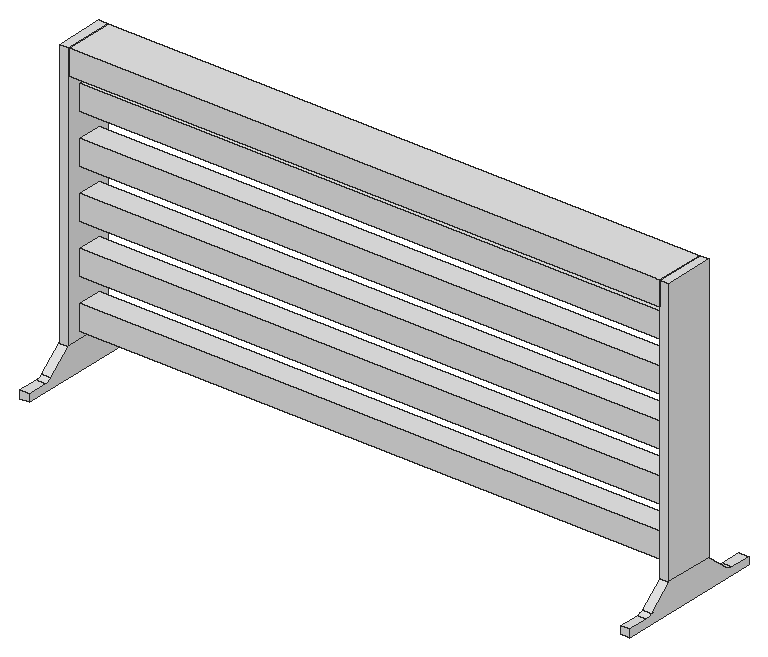
Revit family "Sunshade-Linear-Kawneer-Storefront-Square", category Specialty Equipment, host Face, Revit 2015
Parameters
  Width [instance] = 5' - 0"
  URL = "http://www.kawneer.com/kawneer/north_america/en/home.asp"
  Type Comments = ""
  Show Right Outrigger [instance] = yes
  Show Left Outrigger [instance] = yes
  Product data url = "https://bimobject.com/kawneerna/product/04315"
  Product Page URL = "http://www.kawneer.com/kawneer/north_america/en/product.asp?cat_id=1463&prod_id=4315"
  Product Documentation Link = "http://www.kawneer.com/kawneer/north_america/catalog/pdf/Sun_Control/Versoleil_Storefront_Flyer.pdf"
  Model = "Sunshade Linear Storefront"  # constant formula
  Manufacturer = "Kawneer "  # constant formula
  Length = 2' - 6"
  Has Same Mullion Distance [instance] = yes
  Finish = Aluminum - Kawneer - Clear
  Description = "Rounded Outrigger, Bullnose Fascias"
  Default Elevation = 4' - 0"
  Copyright © = "©2012 Kawneer  "  # constant formula
  Mullion Distance [instance] = 4' - 0"
  CTRl Outrigger Count [instance] = if(Outrigger 21 Distance > 0' 0", 23, if(Outrigger 20 Distance > 0' 0", 22, if(Outrigger 19 Distance > 0' 0", 21, if(Outrigger 18 Distance > 0' 0", 20, if(Outrigger 17 Distance > 0' 0", 19, if(Outrigger 16 Distance > 0' 0", 18, if(Outrigger 15 Distance > 0' 0", 17, if(Outrigger 14 Distance > 0' 0", 16, if(Outrigger 13 Distance > 0' 0", 15, if(Outrigger 12 Distance > 0' 0", 14, if(Outrigger 11 Distance > 0' 0", 13, if(Outrigger 10 Distance > 0' 0", 12, if(Outrigger 09 Distance > 0' 0", 11, if(Outrigger 08 Distance > 0' 0", 10, if(Outrigger 07 Distance > 0' 0", 9, if(Outrigger 06 Distance > 0' 0", 8, if(Outrigger 05 Distance > 0' 0", 7, if(Outrigger 04 Distance > 0' 0", 6, if(Outrigger 03 Distance > 0' 0", 5, if(Outrigger 02 Distance > 0' 0", 4, if(Outrigger 01 Distance > 0' 0", 3, (Width / Mullion Distance) + 1)))))))))))))))))))))  # 3
  CTRL Outrigger 21 Distance [instance] = if(Outrigger Count < 23, 0' 0", if(Has Same Mullion Distance, Mullion Distance, if(Outrigger 21 Distance > 5' 0", 5' 0", Outrigger 21 Distance)))  # 0' - 0"
  CTRL Outrigger 20 Distance [instance] = if(Outrigger Count < 22, 0' 0", if(Has Same Mullion Distance, Mullion Distance, if(Outrigger 20 Distance > 5' 0", 5' 0", Outrigger 20 Distance)))  # 0' - 0"
  CTRL Outrigger 19 Distance [instance] = if(Outrigger Count < 21, 0' 0", if(Has Same Mullion Distance, Mullion Distance, if(Outrigger 19 Distance > 5' 0", 5' 0", Outrigger 19 Distance)))  # 0' - 0"
  CTRL Outrigger 18 Distance [instance] = if(Outrigger Count < 20, 0' 0", if(Has Same Mullion Distance, Mullion Distance, if(Outrigger 18 Distance > 5' 0", 5' 0", Outrigger 18 Distance)))  # 0' - 0"
  CTRL Outrigger 17 Distance [instance] = if(Outrigger Count < 19, 0' 0", if(Has Same Mullion Distance, Mullion Distance, if(Outrigger 17 Distance > 5' 0", 5' 0", Outrigger 17 Distance)))  # 0' - 0"
  CTRL Outrigger 16 Distance [instance] = if(Outrigger Count < 18, 0' 0", if(Has Same Mullion Distance, Mullion Distance, if(Outrigger 16 Distance > 5' 0", 5' 0", Outrigger 16 Distance)))  # 0' - 0"
  CTRL Outrigger 15 Distance [instance] = if(Outrigger Count < 17, 0' 0", if(Has Same Mullion Distance, Mullion Distance, if(Outrigger 15 Distance > 5' 0", 5' 0", Outrigger 15 Distance)))  # 0' - 0"
  CTRL Outrigger 14 Distance [instance] = if(Outrigger Count < 16, 0' 0", if(Has Same Mullion Distance, Mullion Distance, if(Outrigger 14 Distance > 5' 0", 5' 0", Outrigger 14 Distance)))  # 0' - 0"
  CTRL Outrigger 13 Distance [instance] = if(Outrigger Count < 15, 0' 0", if(Has Same Mullion Distance, Mullion Distance, if(Outrigger 13 Distance > 5' 0", 5' 0", Outrigger 13 Distance)))  # 0' - 0"
  CTRL Outrigger 12 Distance [instance] = if(Outrigger Count < 14, 0' 0", if(Has Same Mullion Distance, Mullion Distance, if(Outrigger 12 Distance > 5' 0", 5' 0", Outrigger 12 Distance)))  # 0' - 0"
  CTRL Outrigger 11 Distance [instance] = if(Outrigger Count < 13, 0' 0", if(Has Same Mullion Distance, Mullion Distance, if(Outrigger 11 Distance > 5' 0", 5' 0", Outrigger 11 Distance)))  # 0' - 0"
  CTRL Outrigger 10 Distance [instance] = if(Outrigger Count < 12, 0' 0", if(Has Same Mullion Distance, Mullion Distance, if(Outrigger 10 Distance > 5' 0", 5' 0", Outrigger 10 Distance)))  # 0' - 0"
  CTRL Outrigger 09 Distance [instance] = if(Outrigger Count < 11, 0' 0", if(Has Same Mullion Distance, Mullion Distance, if(Outrigger 09 Distance > 5' 0", 5' 0", Outrigger 09 Distance)))  # 0' - 0"
  CTRL Outrigger 08 Distance [instance] = if(Outrigger Count < 10, 0' 0", if(Has Same Mullion Distance, Mullion Distance, if(Outrigger 08 Distance > 5' 0", 5' 0", Outrigger 08 Distance)))  # 0' - 0"
  CTRL Outrigger 07 Distance [instance] = if(Outrigger Count < 9, 0' 0", if(Has Same Mullion Distance, Mullion Distance, if(Outrigger 07 Distance > 5' 0", 5' 0", Outrigger 07 Distance)))  # 0' - 0"
  CTRL Outrigger 06 Distance [instance] = if(Outrigger Count < 8, 0' 0", if(Has Same Mullion Distance, Mullion Distance, if(Outrigger 06 Distance > 5' 0", 5' 0", Outrigger 06 Distance)))  # 0' - 0"
  CTRL Outrigger 05 Distance [instance] = if(Outrigger Count < 7, 0' 0", if(Has Same Mullion Distance, Mullion Distance, if(Outrigger 05 Distance > 5' 0", 5' 0", Outrigger 05 Distance)))  # 0' - 0"
  CTRL Outrigger 04 Distance [instance] = if(Outrigger Count < 6, 0' 0", if(Has Same Mullion Distance, Mullion Distance, if(Outrigger 04 Distance > 5' 0", 5' 0", Outrigger 04 Distance)))  # 0' - 0"
  CTRL Outrigger 03 Distance [instance] = if(Outrigger Count < 5, 0' 0", if(Has Same Mullion Distance, Mullion Distance, if(Outrigger 03 Distance > 5' 0", 5' 0", Outrigger 03 Distance)))  # 0' - 0"
  CTRL Outrigger 02 Distance [instance] = if(Outrigger Count < 4, 0' 0", if(Has Same Mullion Distance, Mullion Distance, if(Outrigger 02 Distance > 5' 0", 5' 0", Outrigger 02 Distance)))  # 0' - 0"
  CTRL Outrigger 01 Distance [instance] = if(Outrigger Count < 3, 0' 0", if(Has Same Mullion Distance, Mullion Distance, if(Outrigger 01 Distance > 5' 0", 5' 0", Outrigger 01 Distance)))  # 0' - 0"
  Blades Distance = 0' - 5"
  CTRL Middle Blade Visibility [instance] = if(Outrigger Count = 2, 1 = 0, 1 = 1)  # no
  Outrigger Count [instance] = if(Has Same Mullion Distance, (Width / Mullion Distance) + 1, CTRl Outrigger Count)  # 2
  Outrigger 21 Distance [instance] = 0' - 0"
  Outrigger 20 Distance [instance] = 0' - 0"
  Outrigger 19 Distance [instance] = 0' - 0"
  Outrigger 18 Distance [instance] = 0' - 0"
  Outrigger 17 Distance [instance] = 0' - 0"
  Outrigger 16 Distance [instance] = 0' - 0"
  Outrigger 15 Distance [instance] = 0' - 0"
  Outrigger 14 Distance [instance] = 0' - 0"
  Outrigger 13 Distance [instance] = 0' - 0"
  Outrigger 12 Distance [instance] = 0' - 0"
  Outrigger 11 Distance [instance] = 0' - 0"
  Outrigger 10 Distance [instance] = 0' - 0"
  Outrigger 09 Distance [instance] = 0' - 0"
  Outrigger 08 Distance [instance] = 0' - 0"
  Outrigger 07 Distance [instance] = 0' - 0"
  Outrigger 06 Distance [instance] = 0' - 0"
  Outrigger 05 Distance [instance] = 0' - 0"
  Outrigger 04 Distance [instance] = 0' - 0"
  Outrigger 03 Distance [instance] = 0' - 0"
  Outrigger 02 Distance [instance] = 0' - 0"
  Outrigger 01 Distance [instance] = 1' - 6"
  Blade Width [instance] = if(1 = 1, Width, 1' 0")  # 5' - 0"
  Blade Type = Blade-Kawneer-Square : Versoleil
  Blade Count = 5
Reference planes (in)
  plane 1 "Center (Front/Back)": y = 0
  plane 2: z = 0
  plane 3 "Center (Left/Right)": x = 3.30772
  plane 4 "Bracket Bottom": z = 0
  plane 5 "Arm_Center-(T/B)": z = 2.07581
  plane 6 "Left": x = -26.69228
  plane 7 "Right": x = 33.30772
  plane 8 "Bracket_Center-(L/R)-Left": x = -27.16103
  plane 9 "Bracket_Center-(L/R)-Right": x = 33.77647
  plane 10 "Bracket Set 1": x = -27.16103
  plane 11 "Bracket Set 20": x = -27.16103
  plane 12 "Bracket Set 2": x = -27.16103
  plane 13 "Bracket Set 3": x = -27.16103
  plane 14 "Bracket Set 4": x = -27.16103
  plane 15 "Bracket Set 5": x = -27.16103
  plane 16 "Bracket Set 6": x = -27.16103
  plane 17 "Bracket Set 7": x = -27.16103
  plane 18 "Bracket Set 8": x = -27.16103
  plane 19 "Bracket Set 9": x = -27.16103
  plane 20 "Bracket Set 10": x = -27.16103
  plane 21 "Bracket Set 11": x = -27.16103
  plane 22 "Bracket Set 12": x = -27.16103
  plane 23 "Bracket Set 13": x = -27.16103
  plane 24 "Bracket Set 14": x = -27.16103
  plane 25 "Bracket Set 15": x = -27.16103
  plane 26 "Bracket Set 16": x = -27.16103
  plane 27 "Bracket Set 17": x = -27.16103
  plane 28 "Bracket Set 18": x = -27.16103
  plane 29 "Bracket Set 19": x = -27.16103
  plane 30 "Bracket Set 21": x = -27.16103
  plane 31 "Left of Right Outrigger": x = 33.30772
  plane 32 "Right of Right Outrigger": x = 34.24522
  plane 33 "Left of Left Outrigger": x = -27.62978
  plane 34 "Right of Left Outrigger": x = -26.69228
  plane 35 "Blade 1": z = 5
  plane 36 "Blade 2": z = 10
  plane 37 "Top": z = 30
  plane 38 "Back of Fascia": z = 27.50297
Dimensions and locks (in)
  locked: plane 5 "Arm_Center-(T/B)" to plane 4 "Bracket Bottom" at 2.07581
  locked: plane 4 "Bracket Bottom" to plane 2 at 0
  "CTRL Outrigger 01 Distance": plane 8 "Bracket_Center-(L/R)-Left" to plane 10 "Bracket Set 1"
  "CTRL Outrigger 02 Distance": plane 10 "Bracket Set 1" to plane 12 "Bracket Set 2"
  "CTRL Outrigger 03 Distance": plane 12 "Bracket Set 2" to plane 13 "Bracket Set 3"
  "CTRL Outrigger 04 Distance": plane 13 "Bracket Set 3" to plane 14 "Bracket Set 4"
  "CTRL Outrigger 05 Distance": plane 14 "Bracket Set 4" to plane 15 "Bracket Set 5"
  "CTRL Outrigger 06 Distance": plane 15 "Bracket Set 5" to plane 16 "Bracket Set 6"
  "CTRL Outrigger 07 Distance": plane 16 "Bracket Set 6" to plane 17 "Bracket Set 7"
  "CTRL Outrigger 08 Distance": plane 17 "Bracket Set 7" to plane 18 "Bracket Set 8"
  "CTRL Outrigger 09 Distance": plane 18 "Bracket Set 8" to plane 19 "Bracket Set 9"
  "CTRL Outrigger 10 Distance": plane 19 "Bracket Set 9" to plane 20 "Bracket Set 10"
  "CTRL Outrigger 11 Distance": plane 20 "Bracket Set 10" to plane 21 "Bracket Set 11"
  "CTRL Outrigger 12 Distance": plane 21 "Bracket Set 11" to plane 22 "Bracket Set 12"
  "CTRL Outrigger 13 Distance": plane 22 "Bracket Set 12" to plane 23 "Bracket Set 13"
  "CTRL Outrigger 14 Distance": plane 23 "Bracket Set 13" to plane 24 "Bracket Set 14"
  "CTRL Outrigger 15 Distance": plane 24 "Bracket Set 14" to plane 25 "Bracket Set 15"
  "CTRL Outrigger 16 Distance": plane 25 "Bracket Set 15" to plane 26 "Bracket Set 16"
  "CTRL Outrigger 17 Distance": plane 26 "Bracket Set 16" to plane 27 "Bracket Set 17"
  "CTRL Outrigger 18 Distance": plane 27 "Bracket Set 17" to plane 28 "Bracket Set 18"
  "CTRL Outrigger 19 Distance": plane 28 "Bracket Set 18" to plane 29 "Bracket Set 19"
  "CTRL Outrigger 20 Distance": plane 29 "Bracket Set 19" to plane 11 "Bracket Set 20"
  "CTRL Outrigger 21 Distance": plane 11 "Bracket Set 20" to plane 30 "Bracket Set 21"
  locked: plane 32 "Right of Right Outrigger" to plane 31 "Left of Right Outrigger" at 0.9375
  locked: plane 33 "Left of Left Outrigger" to plane 34 "Right of Left Outrigger" at 0.9375
  equal spacing: plane 6 "Left", plane 3 "Center (Left/Right)", plane 7 "Right"
  "Width": plane 6 "Left" to plane 7 "Right"
  locked: plane 7 "Right" to plane 9 "Bracket_Center-(L/R)-Right" at 0.46875
  locked: plane 8 "Bracket_Center-(L/R)-Left" to plane 6 "Left" at 0.46875
  "Blades Distance": plane 35 "Blade 1" to plane 4 "Bracket Bottom"
  "Blades Distance": plane 36 "Blade 2" to plane 35 "Blade 1"
  equal spacing: group 1, group 2, group 3, group 4, group 5  (x3)
  "Length": plane 37 "Top" to plane 4 "Bracket Bottom"
  locked: plane 37 "Top" to plane 38 "Back of Fascia" at 2.49703
  aligned and locked: plane 2 to host face
  aligned and locked: level to host face
  aligned and locked: plane 4 "Bracket Bottom" to nested 1
  aligned and locked: plane 1 "Center (Front/Back)" to nested 1
  aligned and locked: nested 1 to plane 8 "Bracket_Center-(L/R)-Left"
  aligned and locked: plane 9 "Bracket_Center-(L/R)-Right" to nested 2
  aligned and locked: plane 1 "Center (Front/Back)" to nested 2
  aligned and locked: plane 4 "Bracket Bottom" to nested 2
  aligned and locked: nested 3 to plane 10 "Bracket Set 1"
  aligned and locked: nested 4 to plane 12 "Bracket Set 2"
  aligned and locked: nested 5 to plane 13 "Bracket Set 3"
  aligned and locked: nested 6 to plane 14 "Bracket Set 4"
  aligned and locked: nested 7 to plane 15 "Bracket Set 5"
  aligned and locked: nested 8 to plane 16 "Bracket Set 6"
  aligned and locked: nested 9 to plane 17 "Bracket Set 7"
  aligned and locked: nested 10 to plane 18 "Bracket Set 8"
  aligned and locked: nested 11 to plane 19 "Bracket Set 9"
  aligned and locked: nested 12 to plane 20 "Bracket Set 10"
  aligned and locked: nested 13 to plane 21 "Bracket Set 11"
  aligned and locked: nested 14 to plane 22 "Bracket Set 12"
  aligned and locked: nested 15 to plane 23 "Bracket Set 13"
  aligned and locked: nested 16 to plane 24 "Bracket Set 14"
  aligned and locked: nested 17 to plane 25 "Bracket Set 15"
  aligned and locked: nested 18 to plane 26 "Bracket Set 16"
  aligned and locked: nested 19 to plane 27 "Bracket Set 17"
  aligned and locked: nested 20 to plane 28 "Bracket Set 18"
  aligned and locked: nested 21 to plane 29 "Bracket Set 19"
  aligned and locked: nested 22 to plane 11 "Bracket Set 20"
  aligned and locked: plane 4 "Bracket Bottom" to nested 3
  aligned and locked: plane 4 "Bracket Bottom" to nested 4
  aligned and locked: plane 4 "Bracket Bottom" to nested 5
  aligned and locked: plane 4 "Bracket Bottom" to nested 6
  aligned and locked: plane 4 "Bracket Bottom" to nested 7
  aligned and locked: plane 4 "Bracket Bottom" to nested 8
  aligned and locked: plane 4 "Bracket Bottom" to nested 9
  aligned and locked: plane 4 "Bracket Bottom" to nested 10
  aligned and locked: plane 4 "Bracket Bottom" to nested 11
  aligned and locked: plane 4 "Bracket Bottom" to nested 12
  aligned and locked: plane 4 "Bracket Bottom" to nested 13
  aligned and locked: plane 4 "Bracket Bottom" to nested 14
  aligned and locked: plane 4 "Bracket Bottom" to nested 15
  aligned and locked: plane 4 "Bracket Bottom" to nested 16
  aligned and locked: plane 4 "Bracket Bottom" to nested 17
  aligned and locked: plane 4 "Bracket Bottom" to nested 18
  aligned and locked: plane 4 "Bracket Bottom" to nested 19
  aligned and locked: plane 4 "Bracket Bottom" to nested 20
  aligned and locked: plane 4 "Bracket Bottom" to nested 21
  aligned and locked: plane 4 "Bracket Bottom" to nested 22
  aligned and locked: nested 23 to plane 30 "Bracket Set 21"
  aligned and locked: plane 1 "Center (Front/Back)" to nested 23
  aligned and locked: plane 1 "Center (Front/Back)" to nested 22
  aligned and locked: plane 1 "Center (Front/Back)" to nested 21
  aligned and locked: plane 1 "Center (Front/Back)" to nested 20
  aligned and locked: plane 1 "Center (Front/Back)" to nested 19
  aligned and locked: plane 1 "Center (Front/Back)" to nested 18
  aligned and locked: plane 1 "Center (Front/Back)" to nested 17
  aligned and locked: plane 1 "Center (Front/Back)" to nested 16
  aligned and locked: plane 1 "Center (Front/Back)" to nested 15
  aligned and locked: plane 1 "Center (Front/Back)" to nested 14
  aligned and locked: plane 7 "Right" to plane 31 "Left of Right Outrigger"
  aligned and locked: plane 34 "Right of Left Outrigger" to nested 1
  aligned and locked: plane 6 "Left" to plane 34 "Right of Left Outrigger"
  aligned and locked: plane 35 "Blade 1" to nested 24
  aligned and locked: plane 1 "Center (Front/Back)" to nested 24
  aligned and locked: plane 1 "Center (Front/Back)" to nested 13
  aligned and locked: plane 6 "Left" to nested 25
  aligned and locked: plane 1 "Center (Front/Back)" to nested 25
  aligned and locked: plane 36 "Blade 2" to nested 26
  aligned and locked: plane 37 "Top" to nested 2
  aligned and locked: plane 38 "Back of Fascia" to nested 25
  aligned and locked: plane 6 "Left" to nested 26
  aligned and locked: plane 34 "Right of Left Outrigger" to nested 24
  aligned and locked: nested 25 to plane 31 "Left of Right Outrigger"
Automatic sketch dimensions
  host sketch curve to host sketch curve = 8' - 0"  (x2)
Nested families (in)
  nested 1: "Outrigger-Kawneer-Square" at (-27.16103, 0, 0), visible <- "Show Left Outrigger", type "5""
  nested 2: "Outrigger-Kawneer-Square" at (33.77647, 0, 0), visible <- "Show Right Outrigger", type "5""
  nested 3: "Outrigger-Kawneer-Square" at (-27.16103, 0, 0), visible <- "CTRL Middle Blade Visibility", type "5""
  nested 4: "Outrigger-Kawneer-Square" at (-27.16103, 0, 0), visible <- "CTRL Middle Blade Visibility", type "5""
  nested 5: "Outrigger-Kawneer-Square" at (-27.16103, 0, 0), visible <- "CTRL Middle Blade Visibility", type "5""
  nested 6: "Outrigger-Kawneer-Square" at (-27.16103, 0, 0), visible <- "CTRL Middle Blade Visibility", type "5""
  nested 7: "Outrigger-Kawneer-Square" at (-27.16103, 0, 0), visible <- "CTRL Middle Blade Visibility", type "5""
  nested 8: "Outrigger-Kawneer-Square" at (-27.16103, 0, 0), visible <- "CTRL Middle Blade Visibility", type "5""
  nested 9: "Outrigger-Kawneer-Square" at (-27.16103, 0, 0), visible <- "CTRL Middle Blade Visibility", type "5""
  nested 10: "Outrigger-Kawneer-Square" at (-27.16103, 0, 0), visible <- "CTRL Middle Blade Visibility", type "5""
  nested 11: "Outrigger-Kawneer-Square" at (-27.16103, 0, 0), visible <- "CTRL Middle Blade Visibility", type "5""
  nested 12: "Outrigger-Kawneer-Square" at (-27.16103, 0, 0), visible <- "CTRL Middle Blade Visibility", type "5""
  nested 13: "Outrigger-Kawneer-Square" at (-27.16103, 0, 0), visible <- "CTRL Middle Blade Visibility", type "5""
  nested 14: "Outrigger-Kawneer-Square" at (-27.16103, 0, 0), visible <- "CTRL Middle Blade Visibility", type "5""
  nested 15: "Outrigger-Kawneer-Square" at (-27.16103, 0, 0), visible <- "CTRL Middle Blade Visibility", type "5""
  nested 16: "Outrigger-Kawneer-Square" at (-27.16103, 0, 0), visible <- "CTRL Middle Blade Visibility", type "5""
  nested 17: "Outrigger-Kawneer-Square" at (-27.16103, 0, 0), visible <- "CTRL Middle Blade Visibility", type "5""
  nested 18: "Outrigger-Kawneer-Square" at (-27.16103, 0, 0), visible <- "CTRL Middle Blade Visibility", type "5""
  nested 19: "Outrigger-Kawneer-Square" at (-27.16103, 0, 0), visible <- "CTRL Middle Blade Visibility", type "5""
  nested 20: "Outrigger-Kawneer-Square" at (-27.16103, 0, 0), visible <- "CTRL Middle Blade Visibility", type "5""
  nested 21: "Outrigger-Kawneer-Square" at (-27.16103, 0, 0), visible <- "CTRL Middle Blade Visibility", type "5""
  nested 22: "Outrigger-Kawneer-Square" at (-27.16103, 0, 0), visible <- "CTRL Middle Blade Visibility", type "5""
  nested 23: "Outrigger-Kawneer-Square" at (-27.16103, 0, 0), visible <- "CTRL Middle Blade Visibility", type "5""
  nested 24: "Blade-Kawneer-Square" at (3.30772, 0, 3.75), type <- "Blade Type", CTRL Width <- "Width", Blade Materials <- "Finish", type "Versoleil"
    with CTRL Width 5' - 0", Blade Materials Aluminum - Kawneer - Clear
  nested 25: "Fascia-Kawneer-Rectangular" at (3.30772, 0, 27.50297), Fascias Materials <- "Finish", CTRL Width <- "Width", type "Versoleil"
    with Fascias Materials Aluminum - Kawneer - Clear, CTRL Width 5' - 0"
  nested 26: "Blade-Kawneer-Square" at (3.30772, 0, 8.75), type <- "Blade Type", CTRL Width <- "Width", Blade Materials <- "Finish", type "Versoleil"
    with CTRL Width 5' - 0", Blade Materials Aluminum - Kawneer - Clear
  nested 27: "Blade-Kawneer-Square" at (3.30772, 0, 13.75), type <- "Blade Type", CTRL Width <- "Width", Blade Materials <- "Finish", type "Versoleil"
    with CTRL Width 5' - 0", Blade Materials Aluminum - Kawneer - Clear
  nested 28: "Blade-Kawneer-Square" at (3.30772, 0, 18.75), type <- "Blade Type", CTRL Width <- "Width", Blade Materials <- "Finish", type "Versoleil"
    with CTRL Width 5' - 0", Blade Materials Aluminum - Kawneer - Clear
  nested 29: "Blade-Kawneer-Square" at (3.30772, 0, 23.75), type <- "Blade Type", CTRL Width <- "Width", Blade Materials <- "Finish", type "Versoleil"
    with CTRL Width 5' - 0", Blade Materials Aluminum - Kawneer - Clear
Definition of nested family "Outrigger-Kawneer-Square"
  Parameters
    Length = 2' - 6"
    CTRL Width = 0' - 0 15/16"
    Outrigger Materials = none
  Reference planes (in)
    plane 1 "Center (Front/Back)": y = 0
    plane 2 "Original Bottom": z = 0
    plane 3 "Center (Left/Right)": x = 0
    plane 4 "Left": x = -0.46875
    plane 5 "Right": x = 0.46875
    plane 6 "Front": y = -2.5
    plane 7 "Back": y = 2.5
    plane 8 "Top": z = 30
    plane 9 "Bottom": z = 0
    plane 10 "Top of Braket": z = 2.9
    plane 11 "Right of Braket": y = 7.53105
    plane 12 "Left of Bracket": y = -7.53105
    plane 13 "Right of Left Bracket": x = -0.21875
    plane 14 "Left of Right Bracket": x = 0.21875
  Forms (in)
    Sweep 1, solid, material <- "Outrigger Materials"
      path origin (10, 0, -2.20794) x (1, 0, 0) y (0, 0, 1)
        loop
          line (-9.53125, 8.91333) -> (-10.46875, 8.91333)
      profile origin (0, 0, 6.70539) x (0, 0, -1) y (0, -1, 0)
        loop
          line (-23.29461, 2.5) -> (-23.29461, -2.5) -> (6.70539, -2.5) -> (6.70539, 2.5) -> (-23.29461, 2.5)
    Sweep 2, solid, material <- "Outrigger Materials", detail levels fine
      path origin (0, 0, -1.03601) x (1, 0, 0) y (0, 0, 1)
        loop
          line (0.46875, 30.5) -> (-0.46875, 30.5)
      profile origin (0, 0, 29.46399) x (0, 0, -1) y (0, -1, 0)
        loop
          line (26.56399, 2.43915) -> (26.56399, -2.50126) -> (28.48003, -4.78471)
          arc (28.48003, -4.78471) -> (28.65368, -5.08548) -> (28.71399, -5.4275) r 1
          line (28.71399, -5.4275) -> (28.71399, -7.53105) -> (29.46399, -7.53105) -> (29.46399, 7.46895) -> (28.71399, 7.46895) -> (28.71399, 5.3654)
          arc (28.71399, 5.3654) -> (28.65368, 5.02338) -> (28.48003, 4.72261) r 1
          line (28.48003, 4.72261) -> (26.56399, 2.43915)
  Lines and regions (in)
    Masking region 1
      outline origin (0, 0, 0) x (0, 1, 0) y (0, 0, 1)
        loop
          line (-2.5, 30) -> (-2.5, 0) -> (2.5, 0) -> (2.5, 30) -> (-2.5, 30)
    Masking region 2
      outline origin (0, 0, 0) x (1, 0, 0) y (0, 0, 1)
        loop
          line (0.46875, 30) -> (-0.46875, 30) -> (-0.46875, 0) -> (0.46875, 0) -> (0.46875, 30)
    Masking region 3
      outline origin (0, 0, 0) x (1, 0, 0) y (0, 0, 1)
        loop
          line (0.46875, 30) -> (-0.46875, 30) -> (-0.46875, 0) -> (0.46875, 0) -> (0.46875, 30)
    symbolic lines, detail levels medium+fine
      curve 1: line (0.46875, -2.43915, 2.9) -> (0.46875, -4.72261, 0.98396)
      curve 2: arc (0.46875, -4.72261, 0.98396) -> (0.46875, -5.02338, 0.81031) -> (0.46875, -5.3654, 0.75) r 1
      curve 3: line (0.46875, -5.3654, 0.75) -> (0.46875, -7.46895, 0.75)
      curve 4: line (0.46875, -7.46895, 0.75) -> (0.46875, -7.46895, 0)
      curve 6: line (0.46875, 7.53105, 0) -> (0.46875, 7.53105, 0.75)
      curve 7: line (0.46875, 7.53105, 0.75) -> (0.46875, 5.4275, 0.75)
      curve 8: arc (0.46875, 5.4275, 0.75) -> (0.46875, 5.08548, 0.81031) -> (0.46875, 4.78471, 0.98396) r 1
      curve 9: line (0.46875, 4.78471, 0.98396) -> (0.46875, 2.50126, 2.9)
    symbolic lines
      curve 5: line (0.46875, -7.46895, 0) -> (0.46875, 7.53105, 0)
      curve 11: line (0.46875, 2.5, 0) -> (0.46875, 2.5, 30)
      curve 12: line (0.46875, 2.5, 30) -> (0.46875, -2.5, 30)
      curve 13: line (0.46875, -2.5, 30) -> (0.46875, -2.5, 0)
      curve 14: line (0.46875, -2.5, 0) -> (0.46875, 2.5, 0)
      curve 15: line (0.46875, -2.5, 30) -> (0.46875, -2.5, 0)
      curve 16: line (0.46875, -2.5, 0) -> (0.46875, 2.5, 0)
      curve 17: line (0.46875, 2.5, 0) -> (0.46875, 2.5, 30)
      curve 18: line (0.46875, 2.5, 30) -> (0.46875, -2.5, 30)
      curve 19: line (0.46875, -2.5, 30) -> (0.46875, -2.5, 0)
      curve 20: line (0.46875, -2.5, 0) -> (0.46875, 2.5, 0)
      curve 21: line (0.46875, 2.5, 0) -> (0.46875, 2.5, 30)
      curve 22: line (0.46875, 2.5, 30) -> (0.46875, -2.5, 30)
      curve 31: line (0.46875, 0, 30) -> (-0.46875, 0, 30)
      curve 32: line (0.46875, 0, 0) -> (0.46875, 0, 30)
      curve 33: line (-0.46875, 0, 0) -> (0.46875, 0, 0)
      curve 34: line (-0.46875, 0, 30) -> (-0.46875, 0, 0)
    symbolic lines, detail levels fine
      curve 10: line (0.46875, 2.50126, 2.9) -> (0.46875, -2.43915, 2.9)
      curve 35: line (-0.21875, 0, 30) -> (-0.21875, 0, 0)
      curve 36: line (0.21875, 0, 30) -> (0.21875, 0, 0)
      curve 38: line (0.46875, 2.5, 2.9) -> (-0.46875, 2.5, 2.9)
      curve 39: line (0.46875, 2.5, 0) -> (0.46875, 2.5, 2.9)
      curve 40: line (-0.46875, 2.5, 0) -> (0.46875, 2.5, 0)
      curve 41: line (-0.46875, 2.5, 2.9) -> (-0.46875, 2.5, 0)
    model lines, detail levels medium
      curve 23: line (0.46875, 7.53105, 0) -> (-0.46875, 7.53105, 0)
      curve 24: line (0.46875, -7.53105, 0) -> (0.46875, 7.53105, 0)
      curve 25: line (-0.46875, -7.53105, 0) -> (0.46875, -7.53105, 0)
      curve 26: line (-0.46875, 7.53105, 0) -> (-0.46875, -7.53105, 0)
    model lines, detail levels coarse
      curve 27: line (0, 2.5, 30) -> (0, -2.5, 30)
      curve 28: line (0, 2.5, 0) -> (0, 2.5, 30)
      curve 29: line (0, -2.5, 0) -> (0, 2.5, 0)
      curve 30: line (0, -2.5, 30) -> (0, -2.5, 0)
    symbolic lines, detail levels medium
      curve 37: line (0, 0, 30) -> (0, 0, 0)
  Dimensions and locks (in)
    "CTRL Width": plane 4 "Left" to plane 5 "Right"
    equal spacing: plane 4 "Left", plane 3 "Center (Left/Right)", plane 5 "Right"
    equal spacing: plane 6 "Front", plane 1 "Center (Front/Back)", plane 7 "Back"
    "Length": plane 8 "Top" to plane 9 "Bottom"
    locked: plane 10 "Top of Braket" to plane 9 "Bottom" at 2.9
    locked: plane 12 "Left of Bracket" to plane 11 "Right of Braket" at 15.0621
    locked: plane 4 "Left" to plane 13 "Right of Left Bracket" at 0.25
    locked: plane 14 "Left of Right Bracket" to plane 5 "Right" at 0.25
    locked: plane 12 "Left of Bracket" to plane 6 "Front" at 5.03105
    locked: plane 7 "Back" to plane 11 "Right of Braket" at 5.03105
    aligned and locked: plane 4 "Left" to Sweep 1 sketch curve
    aligned and locked: plane 5 "Right" to Sweep 1 sketch curve
    aligned: Sweep 1 to plane 2 "Original Bottom"  (x2)
    aligned: plane 8 "Top" to Sweep 1  (x2)
    aligned: plane 6 "Front" to Sweep 1  (x2)
    aligned: plane 7 "Back" to Sweep 1  (x2)
    aligned: plane 9 "Bottom" to plane 2 "Original Bottom"
    aligned: Sweep 1 to plane 9 "Bottom"  (x4)
    aligned: Sweep 1 to plane 7 "Back"  (x3)
    aligned: Sweep 1 to plane 6 "Front"  (x4)
    aligned and locked: plane 9 "Bottom" to plane 2 "Original Bottom"
    aligned and locked: plane 5 "Right" to Sweep 2 sketch curve
    aligned and locked: plane 4 "Left" to Sweep 2 sketch curve
    aligned and locked: Sweep 2 to plane 9 "Bottom"  (x4)
    aligned and locked: plane 11 "Right of Braket" to Sweep 2
    aligned and locked: plane 10 "Top of Braket" to Sweep 2  (x2)
    aligned and locked: Sweep 1 to plane 9 "Bottom"  (x2)
    aligned and locked: Sweep 1 to plane 6 "Front"  (x2)
    aligned and locked: Sweep 1 to plane 7 "Back"
    aligned and locked: plane 8 "Top" to Sweep 1
    aligned and locked: Masking region 1 sketch curve to Sweep 1  (x4)
    aligned and locked: curve 11 to Masking region 1
    aligned and locked: curve 12 to Masking region 1
    aligned and locked: curve 13 to Masking region 1
    aligned and locked: curve 14 to Masking region 1
    aligned and locked: curve 23 to plane 11 "Right of Braket"
    aligned and locked: curve 25 to plane 12 "Left of Bracket"
    aligned and locked: plane 5 "Right" to curve 24
    aligned and locked: plane 4 "Left" to curve 26
    aligned and locked: plane 8 "Top" to curve 27
    aligned and locked: curve 29 to plane 9 "Bottom"
    aligned and locked: curve 28 to plane 7 "Back"
    aligned and locked: curve 30 to plane 6 "Front"
    aligned and locked: plane 8 "Top" to Masking region 2 sketch curve
    aligned and locked: Masking region 2 sketch curve to plane 9 "Bottom"
    aligned and locked: plane 5 "Right" to Masking region 2 sketch curve
    aligned and locked: plane 4 "Left" to Masking region 2 sketch curve
    aligned and locked: plane 4 "Left" to curve 34
    aligned and locked: curve 33 to plane 9 "Bottom"
    aligned and locked: plane 8 "Top" to curve 31
    aligned and locked: plane 5 "Right" to curve 32
    aligned and locked: plane 8 "Top" to Masking region 3 sketch curve
    aligned and locked: Masking region 3 sketch curve to plane 9 "Bottom"
    aligned and locked: plane 5 "Right" to Masking region 3 sketch curve
    aligned and locked: plane 4 "Left" to Masking region 3 sketch curve
    aligned and locked: plane 13 "Right of Left Bracket" to curve 35
    aligned and locked: curve 36 to plane 14 "Left of Right Bracket"
    aligned and locked: curve 37 to plane 3 "Center (Left/Right)"
    aligned and locked: plane 10 "Top of Braket" to curve 38
    aligned and locked: curve 40 to plane 9 "Bottom"
    aligned and locked: plane 5 "Right" to curve 39
    aligned and locked: plane 4 "Left" to curve 41
  Automatic sketch dimensions
    level to Sweep 1 sketch curve = 0' - 6.70539"
    Sweep 2 sketch curve to plane 8 "Top" = 0' - 0.53601"
    plane 1 "Center (Front/Back)" to Sweep 2 sketch curve = 0' - 2.43915"
    Sweep 2 sketch curve to profile plane = 2' - 2.56399"
    Sweep 2 sketch curve to Sweep 2 sketch curve = 0' - 1.15"
    Sweep 2 sketch curve to Sweep 2 sketch curve = 0' - 0.76604"  (x2)
    Sweep 2 sketch curve to Sweep 2 sketch curve = 0' - 0.23396"  (x2)
    Sweep 2 sketch curve to Sweep 2 sketch curve = 0' - 2.28345"
    Sweep 2 sketch curve to Sweep 2 sketch curve = 0' - 2.10355"  (x2)
    Sweep 2 sketch curve to Sweep 2 sketch curve = 0' - 0 3/4"  (x2)
    Sweep 2 sketch curve to plane 1 "Center (Front/Back)" = 0' - 2.50126"
    Sweep 2 sketch curve to plane 1 "Center (Front/Back)" = 0' - 4.78471"
    profile plane to Sweep 1 sketch curve = 1' - 11.29461"
    Sweep 1 sketch curve to profile plane = 0' - 6.70539"
    Sweep 1 sketch curve to plane 1 "Center (Front/Back)" = 0' - 2 1/2"
    Sweep 1 sketch curve to Sweep 1 sketch curve = 0' - 5"
    curve 6 to level = 0' - 0"
    curve 6 to plane 11 "Right of Braket" = 0' - 0"
    curve 10 to plane 10 "Top of Braket" = 0' - 0"
    curve 7 to level = 0' - 0 3/4"
    curve 7 to plane 11 "Right of Braket" = 0' - 2.10355"
    curve 9 to level = 0' - 0.98396"
    curve 8 to curve 9 = 0' - 0.64279"
    plane 7 "Back" to curve 10 = 0' - 0.00126"
    curve 2 to curve 2 = 0' - 0.64279"
    curve 4 to plane 12 "Left of Bracket" = 0' - 0.0621"
    curve 2 to curve 2 = 0' - 0.23396"
    curve 1 to plane 6 "Front" = 0' - 0.06085"
    curve 1 to level = 0' - 0.98396"
    plane 6 "Front" to curve 1 = 0' - 2.22261"
Definition of nested family "Blade-Kawneer-Square"
  Parameters
    CTRL Width [instance] = 12' - 0"
    Blade Materials [instance] = none
  Reference planes (in)
    plane 1 "Center (Front/Back)": y = 0
    plane 2 "Original Bottom": z = 0
    plane 3 "Center (Left/Right)": x = 0
    plane 4 "Left": x = -72
    plane 5 "Right": x = 72
    plane 6 "Front": y = -1.25
    plane 7 "Back": y = 1.25
    plane 8 "Top": z = 2.5
    plane 9 "Bottom": z = 1.25
  Forms (in)
    Sweep 1, solid, material <- "Blade Materials", detail levels medium+fine
      path origin (10, 0, -1.63267) x (1, 0, 0) y (0, 0, 1)
        loop
          line (62, 8.91333) -> (-82, 8.91333)
      profile origin (0, 0, 7.28066) x (0, 0, -1) y (0, -1, 0)
        loop
          line (4.78066, -1.25) -> (6.03066, -1.25) -> (7.28066, -1.25) -> (7.28066, 1.25) -> (6.03066, 1.25) -> (4.78066, 1.25) -> (4.78066, -1.25)
  Lines and regions (in)
    Masking region 1
      outline origin (0, 0, 0) x (0, 1, 0) y (0, 0, 1)
        loop
          line (1.25, 2.5) -> (-1.25, 2.5) -> (-1.25, 0) -> (1.25, 0) -> (1.25, 2.5)
    Masking region 2
      outline origin (0, 0, 0) x (1, 0, 0) y (0, 1, 0)
        loop
          line (72, 1.25) -> (-72, 1.25) -> (-72, -1.25) -> (72, -1.25) -> (72, 1.25)
    Masking region 3
      outline origin (0, 0, 0) x (1, 0, 0) y (0, 0, 1)
        loop
          line (72, 2.5) -> (-72, 2.5) -> (-72, 0) -> (72, 0) -> (72, 2.5)
    symbolic lines
      curve 1: line (0, 1.25, 2.5) -> (0, -1.25, 2.5)
      curve 2: line (0, -1.25, 2.5) -> (0, -1.25, 0)
      curve 3: line (0, -1.25, 0) -> (0, 1.25, 0)
      curve 4: line (0, 1.25, 0) -> (0, 1.25, 2.5)
      curve 5: line (-72, 1.25, 2.5) -> (-72, -1.25, 2.5)
      curve 6: line (-72, -1.25, 2.5) -> (-72, -1.25, 0)
      curve 7: line (-72, -1.25, 0) -> (-72, 1.25, 0)
      curve 8: line (-72, 1.25, 0) -> (-72, 1.25, 2.5)
      curve 11: line (72, 1.25, 2.5) -> (-72, 1.25, 2.5)
      curve 12: line (72, -1.25, 2.5) -> (72, 1.25, 2.5)
      curve 13: line (-72, -1.25, 2.5) -> (72, -1.25, 2.5)
      curve 14: line (-72, 1.25, 2.5) -> (-72, -1.25, 2.5)
      curve 15: line (72, -1.25, 2.5) -> (-72, -1.25, 2.5)
      curve 16: line (72, -1.25, 1.25) -> (72, -1.25, 2.5)
      curve 17: line (-72, -1.25, 1.25) -> (72, -1.25, 1.25)
      curve 18: line (-72, -1.25, 2.5) -> (-72, -1.25, 1.25)
    model lines, detail levels coarse
      curve 9: line (-72, 0, 1.25) -> (72, 0, 1.25)
    symbolic lines, detail levels coarse
      curve 10: line (-72, 0, 1.25) -> (72, 0, 1.25)
  Dimensions and locks (in)
    "CTRL Width": plane 4 "Left" to plane 5 "Right"
    equal spacing: plane 4 "Left", plane 3 "Center (Left/Right)", plane 5 "Right"
    equal spacing: plane 6 "Front", plane 1 "Center (Front/Back)", plane 7 "Back"
    equal spacing: plane 8 "Top", plane 9 "Bottom", plane 2 "Original Bottom"
    aligned and locked: plane 4 "Left" to Sweep 1 sketch curve
    aligned and locked: plane 5 "Right" to Sweep 1 sketch curve
    aligned and locked: Sweep 1 to plane 2 "Original Bottom"
    aligned and locked: plane 8 "Top" to Sweep 1
    aligned and locked: plane 6 "Front" to Sweep 1
    aligned and locked: plane 7 "Back" to Sweep 1
    aligned and locked: Masking region 1 sketch curve to Sweep 1  (x4)
    aligned and locked: curve 1 to Masking region 1
    aligned and locked: curve 2 to Masking region 1
    aligned and locked: curve 3 to Masking region 1
    aligned and locked: curve 4 to Masking region 1
    aligned and locked: curve 5 to curve 1
    aligned and locked: curve 6 to curve 2
    aligned and locked: curve 7 to curve 3
    aligned and locked: curve 8 to curve 4
    aligned and locked: plane 1 "Center (Front/Back)" to curve 9
    aligned and locked: plane 1 "Center (Front/Back)" to curve 10
    aligned and locked: plane 5 "Right" to Masking region 2 sketch curve
    aligned and locked: plane 4 "Left" to Masking region 2 sketch curve
    aligned and locked: Masking region 2 sketch curve to plane 7 "Back"
    aligned and locked: Masking region 2 sketch curve to plane 6 "Front"
    aligned and locked: plane 5 "Right" to curve 12
    aligned and locked: plane 4 "Left" to curve 14
    aligned and locked: curve 11 to plane 7 "Back"
    aligned and locked: plane 5 "Right" to Masking region 3 sketch curve
    aligned and locked: plane 4 "Left" to Masking region 3 sketch curve
    aligned and locked: Masking region 3 sketch curve to plane 8 "Top"
    aligned and locked: Masking region 3 sketch curve to plane 2 "Original Bottom"
    aligned and locked: plane 5 "Right" to curve 16
    aligned and locked: plane 4 "Left" to curve 18
    aligned and locked: curve 15 to plane 8 "Top"
    aligned and locked: curve 17 to curve 9
  Automatic sketch dimensions
    level to Sweep 1 sketch curve = 0' - 7.28066"
    Sweep 1 sketch curve to plane 1 "Center (Front/Back)" = 0' - 1 1/4"
    Sweep 1 sketch curve to profile plane = 0' - 4.78066"
    Sweep 1 sketch curve to Sweep 1 sketch curve = 0' - 1 1/4"  (x3)
    plane 1 "Center (Front/Back)" to Sweep 1 sketch curve = 0' - 1 1/4"
    curve 10 to plane 4 "Left" = 0' - 0"
    curve 10 to plane 5 "Right" = 0' - 0"
    curve 9 to plane 5 "Right" = 0' - 0"
    curve 9 to plane 4 "Left" = 0' - 0"
    curve 13 to plane 6 "Front" = 0' - 0"
Definition of nested family "Fascia-Kawneer-Rectangular"
  Parameters
    CTRL Width [instance] = 12' - 0"
    Fascias Materials [instance] = none
  Reference planes (in)
    plane 1 "Center (Front/Back)": y = 0
    plane 2 "Original Bottom": z = 0
    plane 3 "Center (Left/Right)": x = 0
    plane 4 "Left": x = -72
    plane 5 "Right": x = 72
    plane 6 "Front": y = -2.5
    plane 7 "Back": y = 2.5
    plane 8 "Top": z = 2.50181
    plane 9 "Bottom": z = 0
  Forms (in)
    Sweep 1, solid, material <- "Fascias Materials", detail levels medium+fine
      path origin (10, 0, -1.71798) x (1, 0, 0) y (0, 0, 1)
        loop
          line (62, 8.91333) -> (-82, 8.91333)
      profile origin (0, 0, 7.19535) x (0, 0, -1) y (0, -1, 0)
        loop
          line (4.69354, 2.5) -> (4.69354, -2.5) -> (7.19535, -2.5) -> (7.19535, 2.5) -> (4.69354, 2.5)
  Lines and regions (in)
    Masking region 1
      outline origin (0, 0, 0) x (0, 1, 0) y (0, 0, 1)
        loop
          line (2.5, 2.50181) -> (-2.5, 2.50181) -> (-2.5, 0) -> (2.5, 0) -> (2.5, 2.50181)
    Masking region 2
      outline origin (0, 0, 2.50181) x (-1, 0, 0) y (0, -1, 0)
        loop
          line (-72, -2.5) -> (72, -2.5) -> (72, 2.5) -> (-72, 2.5) -> (-72, -2.5)
    Masking region 3
      outline origin (0, -2.5, 0) x (-1, 0, 0) y (0, 0, 1)
        loop
          line (-72, 2.50181) -> (-72, 0) -> (72, 0) -> (72, 2.50181) -> (-72, 2.50181)
    symbolic lines
      curve 1: line (72, 2.5, 2.50181) -> (72, -2.5, 2.50181)
      curve 2: line (72, -2.5, 2.50181) -> (72, -2.5, 0)
      curve 3: line (72, -2.5, 0) -> (72, 2.5, 0)
      curve 4: line (72, 2.5, 0) -> (72, 2.5, 2.50181)
      curve 5: line (-72, 2.5, 2.50181) -> (-72, -2.5, 2.50181)
      curve 6: line (-72, -2.5, 2.50181) -> (-72, -2.5, 0)
      curve 7: line (-72, -2.5, 0) -> (-72, 2.5, 0)
      curve 8: line (-72, 2.5, 0) -> (-72, 2.5, 2.50181)
      curve 10: line (72, 2.5, 2.50181) -> (-72, 2.5, 2.50181)
      curve 11: line (72, -2.5, 2.50181) -> (72, 2.5, 2.50181)
      curve 12: line (-72, -2.5, 2.50181) -> (72, -2.5, 2.50181)
      curve 13: line (-72, 2.5, 2.50181) -> (-72, -2.5, 2.50181)
      curve 14: line (72, 2.5, 0) -> (-72, 2.5, 0)
      curve 15: line (72, -2.5, 0) -> (72, 2.5, 0)
      curve 16: line (-72, -2.5, 0) -> (72, -2.5, 0)
      curve 17: line (-72, 2.5, 0) -> (-72, -2.5, 0)
      curve 22: line (72, -2.5, 2.50181) -> (-72, -2.5, 2.50181)
      curve 23: line (72, -2.5, 0) -> (72, -2.5, 2.50181)
      curve 24: line (-72, -2.5, 0) -> (72, -2.5, 0)
      curve 25: line (-72, -2.5, 2.50181) -> (-72, -2.5, 0)
    symbolic lines, detail levels coarse
      curve 9: line (-72, 0, 2.50181) -> (72, 0, 2.50181)
    model lines
      curve 18: line (72, 2.5, 2.50181) -> (-72, 2.5, 2.50181)
      curve 19: line (72, 2.5, 0) -> (72, 2.5, 2.50181)
      curve 20: line (-72, 2.5, 0) -> (72, 2.5, 0)
      curve 21: line (-72, 2.5, 2.50181) -> (-72, 2.5, 0)
    model lines, detail levels coarse
      curve 26: line (72, 2.5, 0) -> (-72, 2.5, 0)
      curve 27: line (72, -2.5, 0) -> (72, 2.5, 0)
      curve 28: line (-72, -2.5, 0) -> (72, -2.5, 0)
      curve 29: line (-72, 2.5, 0) -> (-72, -2.5, 0)
      curve 30: line (72, 2.5, 2.50181) -> (-72, 2.5, 2.50181)
      curve 31: line (72, -2.5, 2.50181) -> (72, 2.5, 2.50181)
      curve 32: line (-72, -2.5, 2.50181) -> (72, -2.5, 2.50181)
      curve 33: line (-72, 2.5, 2.50181) -> (-72, -2.5, 2.50181)
      curve 34: line (-72, 2.5, 2.50181) -> (-72, -2.5, 2.50181)
      curve 35: line (-72, 2.5, 0) -> (-72, 2.5, 2.50181)
      curve 36: line (-72, -2.5, 0) -> (-72, 2.5, 0)
      curve 37: line (-72, -2.5, 2.50181) -> (-72, -2.5, 0)
      curve 38: line (72, 2.5, 2.50181) -> (72, -2.5, 2.50181)
      curve 39: line (72, 2.5, 0) -> (72, 2.5, 2.50181)
      curve 40: line (72, -2.5, 0) -> (72, 2.5, 0)
      curve 41: line (72, -2.5, 2.50181) -> (72, -2.5, 0)
  Dimensions and locks (in)
    "CTRL Width": plane 4 "Left" to plane 5 "Right"
    equal spacing: plane 4 "Left", plane 3 "Center (Left/Right)", plane 5 "Right"
    equal spacing: plane 6 "Front", plane 1 "Center (Front/Back)", plane 7 "Back"
    locked: plane 8 "Top" to plane 9 "Bottom" at 2.50181
    level to curve 20 = 0' - 0"
    aligned and locked: plane 4 "Left" to Sweep 1 sketch curve
    aligned and locked: plane 5 "Right" to Sweep 1 sketch curve
    aligned: Sweep 1 to plane 2 "Original Bottom"  (x2)
    aligned: plane 8 "Top" to Sweep 1
    aligned: plane 6 "Front" to Sweep 1
    aligned: plane 7 "Back" to Sweep 1
    aligned and locked: plane 9 "Bottom" to plane 2 "Original Bottom"
    aligned and locked: Sweep 1 to plane 9 "Bottom"
    aligned and locked: plane 8 "Top" to Sweep 1
    aligned and locked: plane 7 "Back" to Sweep 1
    aligned and locked: plane 6 "Front" to Sweep 1
    aligned and locked: Masking region 1 sketch curve to Sweep 1  (x4)
    aligned and locked: curve 1 to Masking region 1
    aligned and locked: curve 2 to Masking region 1
    aligned and locked: curve 3 to Masking region 1
    aligned and locked: curve 4 to Masking region 1
    aligned and locked: curve 5 to curve 1
    aligned and locked: curve 7 to curve 3
    aligned and locked: curve 8 to curve 4
    aligned and locked: Masking region 2 sketch curve to plane 7 "Back"
    aligned and locked: plane 5 "Right" to Masking region 2 sketch curve
    aligned and locked: plane 4 "Left" to Masking region 2 sketch curve
    aligned and locked: Masking region 2 sketch curve to plane 6 "Front"
    aligned and locked: plane 5 "Right" to curve 15
    aligned and locked: plane 4 "Left" to curve 17
    aligned and locked: curve 14 to plane 7 "Back"
    aligned and locked: curve 16 to plane 6 "Front"
    aligned and locked: plane 4 "Left" to curve 21
    aligned and locked: plane 5 "Right" to curve 19
    aligned and locked: plane 8 "Top" to curve 18
    aligned and locked: plane 5 "Right" to curve 23
    aligned and locked: plane 4 "Left" to curve 25
    aligned and locked: plane 8 "Top" to curve 22
    aligned and locked: curve 24 to plane 9 "Bottom"
    aligned and locked: plane 4 "Left" to Masking region 3 sketch curve
    aligned and locked: plane 5 "Right" to Masking region 3 sketch curve
    aligned and locked: plane 8 "Top" to Masking region 3 sketch curve
    aligned and locked: Masking region 3 sketch curve to plane 9 "Bottom"
    aligned and locked: plane 5 "Right" to curve 27
    aligned and locked: plane 4 "Left" to curve 29
    aligned and locked: curve 26 to plane 7 "Back"
    aligned and locked: curve 28 to plane 6 "Front"
    aligned and locked: plane 4 "Left" to curve 33
    aligned and locked: plane 5 "Right" to curve 31
    aligned and locked: curve 30 to plane 7 "Back"
    aligned and locked: curve 32 to plane 6 "Front"
    aligned and locked: curve 37 to plane 6 "Front"
  Automatic sketch dimensions
    level to Sweep 1 sketch curve = 0' - 7.19535"
    Sweep 1 sketch curve to plane 1 "Center (Front/Back)" = 0' - 2 1/2"
    Sweep 1 sketch curve to profile plane = 0' - 4.69354"
    Sweep 1 sketch curve to Sweep 1 sketch curve = 0' - 2.50181"
    plane 1 "Center (Front/Back)" to Sweep 1 sketch curve = 0' - 2 1/2"
    curve 9 to plane 1 "Center (Front/Back)" = 0' - 0"
